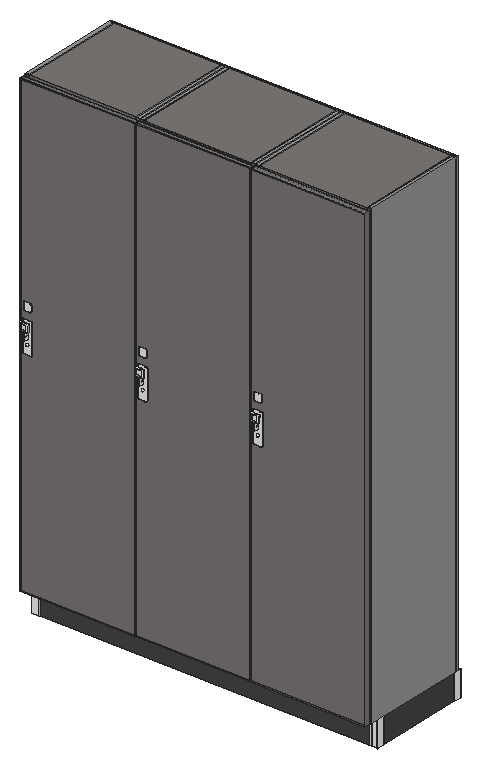
Revit family "Wood_Lockers_Hasps-Salsbury_Industries-18_41000_Series-3_Wide_Units", category Specialty Equipment, Revit 2026 (continued)
Definition of nested family "Wood Locker Flat Corner Fillers"
  Dimensions and locks (in)
    locked: plane 6 "Front Side" to plane 12 at 3
    locked: plane 5 "Left Side" to plane 11 at 3
    plane 12 to plane 7 "Back Side" = 13.875"
    aligned and locked: level to plane 2
  Automatic sketch dimensions
    Extrusion 2 sketch curve to plane 5 "Left Side" = 0.000"
    plane 6 "Front Side" to Extrusion 2 sketch curve = 0.000"
    Extrusion 2 sketch curve to plane 11 = 0.000"
    Extrusion 2 sketch curve to plane 4 "Right Side" = 0.000"
    Extrusion 2 sketch curve to plane 12 = 0.000"
    plane 7 "Back Side" to Extrusion 2 sketch curve = 0.000"
    Extrusion 1 sketch curve to plane 5 "Left Side" = 0.000"
    plane 7 "Back Side" to Extrusion 1 sketch curve = 0.000"
    Extrusion 1 sketch curve to plane 12 = 0.000"
    Extrusion 1 sketch curve to plane 4 "Right Side" = 0.000"
    plane 6 "Front Side" to Extrusion 1 sketch curve = 0.000"
    Extrusion 1 sketch curve to plane 11 = 0.000"
Definition of nested family "Wood Locker Front Fillers"
  Parameters (values of type "33367 - 15" W for 6'H Lockers without Base")
    Width = 15.000"
    Visible Base = no
    Visible = yes
    Version = "1.0 (2/29/16)"
    Type Comments = "Front Vertical Filler for Designer Wood Lockers"
    Model = "33367"
    Manufacturer = "Salsbury Industries"
    Laminate Surface = none
    Height = 72.000"
    Description = "For 6' H Lockers"
    Depth = 0.750"
    Default Elevation = 0.000"
    Base Height = 0.000"
  Types (18): name | Width | Visible Base | Visible | Version | Type Comments | Model | Manufacturer | Height | Description | Base Height
    (no name) | 15.000" | no | yes | "1.0 (2/29/16)" | "Front Vertical Filler for Designer Wood Lockers" | "33367" | "Salsbury Industries" | 72.000" | "For 6' H Lockers" | 0.000"
    33367 - 15"W for 6' H Lockers with Base | 15.000" | yes | yes | "1.0 (2/29/16)" | "Front Vertical Filler for Designer Wood Lockers" | "33367" | "Salsbury Industries" | 72.000" | "For 6' H Lockers" | 4.000"
    None | 15.000" | no | no | "" | "" | "" | "" | 72.000" | "" | 4.000"
    33369 - 9" W for 6' H Lockers with Base | 9.000" | yes | yes | "1.0 (2/29/16)" | "Front Vertical Filler for Designer Wood Lockers" | "33369" | "Salsbury Industries" | 72.000" | "For 6' H Lockers" | 4.000"
    33367 - 15" W for 5' H Lockers with Base | 15.000" | yes | yes | "1.0 (2/29/16)" | "Front Vertical Filler for Designer Wood Lockers" | "33367" | "Salsbury Industries" | 60.000" | "For 5' H Lockers" | 4.000"
    33369 - 9" W for 5' H Lockers with Base | 9.000" | yes | yes | "1.0 (2/29/16)" | "Front Vertical Filler for Designer Wood Lockers" | "33369" | "Salsbury Industries" | 60.000" | "For 5' H Lockers" | 4.000"
    22265 - 15" W for 6' H Lockers with Base | 15.000" | yes | yes | "1.0 (2/29/16)" | "Front Vertical Filler for Extra Wide Designer Wood Lockers" | "22265" | "Salsbury Industries" | 72.000" | "For 6' H Lockers" | 4.000"
    22265 - 15" W for 5' H Lockers with Base | 15.000" | yes | yes | "1.0 (2/29/16)" | "Front Vertical Filler for Extra Wide Designer Wood Lockers" | "22265" | "Salsbury Industries" | 60.000" | "For 5' H Lockers" | 4.000"
    22269 - 9" W for 6' H Lockers with Base | 9.000" | yes | yes | "1.0 (2/29/16)" | "Front Vertical Filler for Extra Wide Designer Wood Lockers" | "22269" | "Salsbury Industries" | 72.000" | "For 6' H Lockers" | 4.000"
    22269 - 9" W for 5' H Lockers with Base | 9.000" | yes | yes | "1.0 (2/29/16)" | "Front Vertical Filler for Extra Wide Designer Wood Lockers" | "22269" | "Salsbury Industries" | 60.000" | "For 5' H Lockers" | 4.000"
    33367 - 15" W for 6'H Lockers without Base | 15.000" | no | yes | "1.0 (2/29/16)" | "Front Vertical Filler for Designer Wood Lockers" | "33367" | "Salsbury Industries" | 72.000" | "For 6' H Lockers" | 0.000"
    33367 - 15" W for 5' H Lockers without Base | 15.000" | no | yes | "1.0 (2/29/16)" | "Front Vertical Filler for Designer Wood Lockers" | "33367" | "Salsbury Industries" | 60.000" | "For 5' H Lockers" | 0.000"
    33369 - 9" W for 5' H Lockers without Base | 9.000" | no | yes | "1.0 (2/29/16)" | "Front Vertical Filler for Designer Wood Lockers" | "33369" | "Salsbury Industries" | 60.000" | "For 5' H Lockers" | 0.000"
    33369 - 9" W for 6' H Lockers without Base | 9.000" | no | yes | "1.0 (2/29/16)" | "Front Vertical Filler for Designer Wood Lockers" | "33369" | "Salsbury Industries" | 72.000" | "For 6' H Lockers" | 0.000"
    22269 - 9" W for 6' H Lockers without Base | 9.000" | no | yes | "1.0 (2/29/16)" | "Front Vertical Filler for Extra Wide Designer Wood Lockers" | "22269" | "Salsbury Industries" | 72.000" | "For 6' H Lockers" | 0.000"
    22269 - 9" W for 5' H Lockers without Base | 9.000" | no | yes | "1.0 (2/29/16)" | "Front Vertical Filler for Extra Wide Designer Wood Lockers" | "22269" | "Salsbury Industries" | 60.000" | "For 5' H Lockers" | 0.000"
    22265 - 15" W for 6' H Lockers without Base | 15.000" | no | yes | "1.0 (2/29/16)" | "Front Vertical Filler for Extra Wide Designer Wood Lockers" | "22265" | "Salsbury Industries" | 72.000" | "For 6' H Lockers" | 0.000"
    22265 - 15" W for 5' H Lockers without Base | 15.000" | no | yes | "1.0 (2/29/16)" | "Front Vertical Filler for Extra Wide Designer Wood Lockers" | "22265" | "Salsbury Industries" | 60.000" | "For 5' H Lockers" | 0.000"
  Reference planes (in)
    plane 1 "Center (Front/Back)": y = 0
    plane 2: z = 0
    plane 3 "Center (Left/Right)": x = 0
    plane 4 "Back": y = 0.375
    plane 5 "Front": y = -0.375
    plane 6 "Left Side": x = -7.5
    plane 7 "Right Side": x = 7.5
    plane 8 "Bottom": z = 0
    plane 9 "Top": z = 72
    plane 10 "Center Elevation": z = 36
    plane 11 "Wood - Laminate Edge": y = -0.344
    plane 12 "Right Side of Wood": x = 7.375
    plane 13 "Left Side of Wood": x = -7.375
    plane 14 "Top of Wood": z = 71.875
    plane 15 "Bottom of Wood": z = 0.125
    plane 16 "Front of Base Filler": y = 1
  Forms (in)
    Extrusion 1, solid, visible <- "Visible"
      sketch origin (0, 0.375, 0) x (1, 0, 0) y (0, 0, 1)
        loop
          line (7.5, 72) -> (-7.5, 72) -> (-7.5, 0) -> (7.5, 0) -> (7.5, 72)
      from 0 to 0.719
    Extrusion 2, solid, material <- "Laminate Surface", visible <- "Visible"
      sketch origin (0, -0.375, 0) x (1, 0, 0) y (0, 0, 1)
        loop
          line (-7.5, 72) -> (-7.5, 0) -> (7.5, 0) -> (7.5, 72) -> (-7.5, 72)
      from -0.031 to 0
    Extrusion 3, solid, visible <- "Visible Base"
      sketch origin (0, 0, 0) x (1, 0, 0) y (0, 1, 0)
        loop
          line (-7.5, 1.75) -> (-7.5, 0.375) -> (7.5, 0.375) -> (7.5, 1.75) -> (-7.5, 1.75)
      from 0 to 0.75
    Extrusion 4, solid, visible <- "Visible Base"
      sketch origin (0, 0, 0) x (1, 0, 0) y (0, 1, 0)
        loop
          line (-7.5, 1.75) -> (-7.5, 1) -> (7.5, 1) -> (7.5, 1.75) -> (-7.5, 1.75)
      from 0 to -4
  Dimensions and locks (in)
    equal spacing: plane 6 "Left Side", plane 3 "Center (Left/Right)", plane 7 "Right Side"
    plane 5 "Front" to plane 1 "Center (Front/Back)" to plane 4 "Back" = 0.375", 0.375"
    "Width": plane 6 "Left Side" to plane 7 "Right Side"
    "Depth": plane 5 "Front" to plane 4 "Back"
    equal spacing: plane 9 "Top", plane 10 "Center Elevation", plane 8 "Bottom"
    locked: plane 5 "Front" to plane 11 "Wood - Laminate Edge" at 0.031
    locked: plane 15 "Bottom of Wood" to plane 8 "Bottom" at 0.125
    locked: plane 12 "Right Side of Wood" to plane 7 "Right Side" at 0.125
    locked: plane 6 "Left Side" to plane 13 "Left Side of Wood" at 0.125
    locked: plane 9 "Top" to plane 14 "Top of Wood" at 0.125
    locked: plane 5 "Front" to plane 16 "Front of Base Filler" at 1.375
    "Base Height": plane 8 "Bottom" to plane 2
    "Height": plane 9 "Top" to plane 8 "Bottom"
    aligned and locked: level to plane 2
    aligned and locked: plane 8 "Bottom" to Extrusion 1
  Automatic sketch dimensions
    plane 6 "Left Side" to Extrusion 1 sketch curve = 0.000"
    plane 7 "Right Side" to Extrusion 1 sketch curve = 0.000"
    level to Extrusion 1 sketch curve = 0.000"
    Extrusion 1 sketch curve to plane 9 "Top" = 0.000"
    plane 6 "Left Side" to Extrusion 2 sketch curve = 0.000"
    plane 7 "Right Side" to Extrusion 2 sketch curve = 0.000"
    plane 15 "Bottom of Wood" to Extrusion 2 sketch curve = 0.125"
    Extrusion 2 sketch curve to plane 9 "Top" = 0.000"
    plane 4 "Back" to Extrusion 3 sketch curve = 0.000"
    Extrusion 3 sketch curve to plane 6 "Left Side" = 0.000"
    Extrusion 3 sketch curve to plane 7 "Right Side" = 0.000"
    Extrusion 3 sketch curve to plane 16 "Front of Base Filler" = 0.750"
    Extrusion 4 sketch curve to plane 6 "Left Side" = 0.000"
    Extrusion 4 sketch curve to plane 7 "Right Side" = 0.000"
    plane 16 "Front of Base Filler" to Extrusion 4 sketch curve = 0.000"
    Extrusion 4 sketch curve to plane 16 "Front of Base Filler" = 0.750"
Definition of nested family "Wood Locker Front Corner Filler"
  Parameters (values of type "44464 - for 6' H Lockers with Base")
    Width = 2.250"
    Visible Base = yes
    Visible = yes
    Version = "1.0 (12/15/23)"
    Type Comments = "Front Vertical Corner Filler for Designer Wood Lockers"
    Primary Structure Materials = none
    Model = "44464"
    Manufacturer = "Salsbury Industries"
    Laminate Surface = none
    Height = 72.000"
    Description = "For 6' H Lockers"
    Depth = 0.750"
    Default Elevation = 0.000"
    Base Primary Materials = none
    Base Height = 4.000"
  Types (3): name | Visible Base | Visible | Version | Type Comments | Model | Manufacturer | Description | Base Height
    None | no | no | "" | "" | "" | "" | "" | 4.000"
    44464 - for 6'H Lockers without Base | no | yes | "1.0 (12/15/23)" | "Front Vertical Corner Filler for Designer Wood Lockers" | "44464" | "Salsbury Industries" | "For 6' H Lockers" | 0.000"
    44464 - for 6' H Lockers with Base | yes | yes | "1.0 (12/15/23)" | "Front Vertical Corner Filler for Designer Wood Lockers" | "44464" | "Salsbury Industries" | "For 6' H Lockers" | 4.000"
  Reference planes (in)
    plane 1 "Center (Front/Back)": y = 0
    plane 2 "Bottom of Base": z = 0
    plane 3 "Center (Left/Right)": x = 0
    plane 4 "Back": y = 0.375
    plane 5 "Front": y = -0.375
    plane 6 "Left Side": x = -1.125
    plane 7 "Right Side": x = 1.125
    plane 8 "Bottom": z = 4
    plane 9 "Top": z = 76
    plane 10 "Center Elevation": z = 40
    plane 11 "Wood - Laminate Edge": y = -0.344
    plane 12 "Right Side of Wood": x = 1
    plane 13 "Left Side of Wood": x = -1
    plane 14 "Top of Wood": z = 75.875
    plane 15 "Bottom of Wood": z = 4.125
    plane 16 "Front of Base Filler": y = 1
  Forms (in)
    Extrusion 1, solid, material <- "Primary Structure Materials", visible <- "Visible"
      sketch origin (0, 0.375, 0) x (1, 0, 0) y (0, 0, 1)
        loop
          line (1.125, 76) -> (-1.156, 76) -> (-1.156, 4) -> (1.125, 4) -> (1.125, 76)
      from 0 to 0.719
    Extrusion 2, solid, material <- "Laminate Surface", visible <- "Visible"
      sketch origin (0, -0.375, 0) x (1, 0, 0) y (0, 0, 1)
        loop
          line (-1.125, 76) -> (-1.125, 4) -> (1.125, 4) -> (1.125, 76) -> (-1.125, 76)
      from -0.031 to 0
    Extrusion 3, solid, material <- "Primary Structure Materials", visible <- "Visible"
      sketch origin (-1.875, -1.5, 0) x (0, 1, 0) y (0, 0, 1)
        loop
          line (1.875, 76) -> (-1.125, 76) -> (-1.125, 4) -> (1.875, 4) -> (1.875, 76)
      from 0 to 0.719
    Extrusion 4, solid, material <- "Laminate Surface", visible <- "Visible"
      sketch origin (-1.125, -1.5, 0) x (0, 1, 0) y (0, 0, 1)
        loop
          line (-1.125, 76) -> (-1.125, 4) -> (1.156, 4) -> (1.156, 76) -> (-1.125, 76)
      from -0.031 to 0
    Extrusion 5, solid, material <- "Base Primary Materials", visible <- "Visible Base"
      sketch origin (0, 0, 0) x (1, 0, 0) y (0, 1, 0)
        loop
          line (-3.25, 1.75) -> (-3.25, -2.625) -> (-1.875, -2.625) -> (-1.875, 1.75) -> (-3.25, 1.75)
      from 4 to 4.75
    Extrusion 6, solid, material <- "Base Primary Materials", visible <- "Visible Base"
      sketch origin (0, 0, 0) x (1, 0, 0) y (0, 1, 0)
        loop
          line (-1.875, 1.75) -> (-1.875, 0.375) -> (1.125, 0.375) -> (1.125, 1.75) -> (-1.875, 1.75)
      from 4 to 4.75
    Extrusion 7, solid, material <- "Base Primary Materials", visible <- "Visible Base"
      sketch origin (0, 0, 0) x (1, 0, 0) y (0, 1, 0)
        loop
          line (1.125, 1.75) -> (-2.43407, 1.75) -> (-2.43407, 1) -> (1.125, 1) -> (1.125, 1.75)
      from 0 to 4
    Extrusion 8, solid, material <- "Base Primary Materials", visible <- "Visible Base"
      sketch origin (0, 0, 0) x (1, 0, 0) y (0, 1, 0)
        loop
          line (-3.25, 1.75) -> (-3.25, -2.625) -> (-2.43407, -2.625) -> (-2.43407, 1.75) -> (-3.25, 1.75)
      from 0 to 4
  Dimensions and locks (in)
    equal spacing: plane 6 "Left Side", plane 3 "Center (Left/Right)", plane 7 "Right Side"
    plane 5 "Front" to plane 1 "Center (Front/Back)" to plane 4 "Back" = 0.375", 0.375"
    "Width": plane 6 "Left Side" to plane 7 "Right Side"
    "Depth": plane 5 "Front" to plane 4 "Back"
    equal spacing: plane 9 "Top", plane 10 "Center Elevation", plane 8 "Bottom"
    "Height": plane 9 "Top" to plane 8 "Bottom"
    locked: plane 5 "Front" to plane 11 "Wood - Laminate Edge" at 0.031
    locked: plane 15 "Bottom of Wood" to plane 8 "Bottom" at 0.125
    locked: plane 12 "Right Side of Wood" to plane 7 "Right Side" at 0.125
    locked: plane 6 "Left Side" to plane 13 "Left Side of Wood" at 0.125
    locked: plane 9 "Top" to plane 14 "Top of Wood" at 0.125
    locked: plane 5 "Front" to plane 16 "Front of Base Filler" at 1.375
    "Base Height": plane 8 "Bottom" to plane 2 "Bottom of Base"
    aligned and locked: level to plane 2 "Bottom of Base"
    aligned and locked: plane 8 "Bottom" to Extrusion 1
    aligned and locked: Extrusion 7 to Extrusion 5
    aligned and locked: Extrusion 8 to Extrusion 5
    aligned and locked: Extrusion 7 to Extrusion 8
  Automatic sketch dimensions
    Extrusion 1 sketch curve to plane 9 "Top" = 0.000"
    Extrusion 1 sketch curve to plane 8 "Bottom" = 0.000"
    plane 7 "Right Side" to Extrusion 1 sketch curve = 0.000"
    plane 6 "Left Side" to Extrusion 1 sketch curve = 0.031"
    plane 6 "Left Side" to Extrusion 2 sketch curve = 0.000"
    plane 7 "Right Side" to Extrusion 2 sketch curve = 0.000"
    Extrusion 2 sketch curve to plane 8 "Bottom" = 0.000"
    Extrusion 2 sketch curve to plane 9 "Top" = 0.000"
    plane 9 "Top" to Extrusion 3 sketch curve = 0.000"
    plane 8 "Bottom" to Extrusion 3 sketch curve = 0.000"
    Extrusion 3 sketch curve to plane 4 "Back" = 0.000"
    plane 5 "Front" to Extrusion 3 sketch curve = 2.250"
    plane 8 "Bottom" to Extrusion 4 sketch curve = 0.000"
    plane 9 "Top" to Extrusion 4 sketch curve = 0.000"
    Extrusion 4 sketch curve to plane 11 "Wood - Laminate Edge" = 0.000"
    plane 5 "Front" to Extrusion 4 sketch curve = 2.250"
    plane 6 "Left Side" to Extrusion 5 sketch curve = 2.125"
    plane 6 "Left Side" to Extrusion 5 sketch curve = 0.750"
    plane 5 "Front" to Extrusion 5 sketch curve = 2.250"
    Extrusion 5 sketch curve to plane 16 "Front of Base Filler" = 0.750"
    plane 16 "Front of Base Filler" to Extrusion 7 sketch curve = 0.000"
    Extrusion 7 sketch curve to plane 7 "Right Side" = 0.000"
    plane 6 "Left Side" to Extrusion 7 sketch curve = 1.30907"
    Extrusion 7 sketch curve to plane 16 "Front of Base Filler" = 0.750"
    plane 6 "Left Side" to Extrusion 8 sketch curve = 2.125"
    Extrusion 8 sketch curve to Extrusion 8 sketch curve = 0.81593"
    plane 5 "Front" to Extrusion 8 sketch curve = 2.250"
    Extrusion 8 sketch curve to plane 16 "Front of Base Filler" = 0.750"
    plane 4 "Back" to Extrusion 6 sketch curve = 0.000"
    Extrusion 6 sketch curve to plane 7 "Right Side" = 0.000"
    plane 6 "Left Side" to Extrusion 6 sketch curve = 0.750"
    Extrusion 6 sketch curve to plane 16 "Front of Base Filler" = 0.750"
Definition of nested family "Wood Locker Flat In-Line Fillers"
  Parameters (values of type "44448 - 15" W for 18" D Lockers")
    Width = 15.000"
    Visible = yes
    Version = "1.0 (12/15/23)"
    Type Comments = "Flat Top In-Line Filler for Premier Wood Lockers"
    Model = "44448"
    Manufacturer = "Salsbury Industries"
    Laminate Surface = none
    Height = 0.750"
    Description = "For 18\" D Lockers"
    Depth = 16.875"
    Default Elevation = 0.000"
  Types (10): name | Width | Visible | Version | Type Comments | Model | Manufacturer | Description | Depth
    (no name) | 15.000" | yes | "1.0 (12/15/23)" | "Flat Top In-Line Filler for Premier Wood Lockers" | "44448" | "Salsbury Industries" | "For 18\" D Lockers" | 16.875"
    44447 - 15" W for 15" D Lockers | 15.000" | yes | "1.0 (12/15/23)" | "Flat Top In-Line Filler for Premier Wood Lockers" | "44447" | "Salsbury Industries" | "For 15\" D Lockers" | 13.875"
    44448 - 15" W for 18" D Lockers | 15.000" | yes | "1.0 (12/15/23)" | "Flat Top In-Line Filler for Premier Wood Lockers" | "44448" | "Salsbury Industries" | "For 18\" D Lockers" | 16.875"
    44441 - 15" W for 21" D Lockers | 15.000" | yes | "1.0 (12/15/23)" | "Flat Top In-Line Filler for Premier Wood Lockers" | "44441" | "Salsbury Industries" | "For 21\" D Lockers" | 19.875"
    None | 15.000" | no | "" | "" | "" | "" | "" | 13.250"
    44448 - 9" W for 18" D Lockers | 9.000" | yes | "1.0 (12/15/23)" | "Flat Top In-Line Filler for Premier Wood Lockers" | "44448" | "Salsbury Industries" | "For 18\" D Lockers" | 16.875"
    44447 - 9" W for 15" D Lockers | 9.000" | yes | "1.0 (12/15/23)" | "Flat Top In-Line Filler for Premier Wood Lockers" | "44447" | "Salsbury Industries" | "For 15\" D Lockers" | 13.875"
    44441 - 9" W for 21" D Lockers | 9.000" | yes | "1.0 (12/15/23)" | "Flat Top In-Line Filler for Premier Wood Lockers" | "44441" | "Salsbury Industries" | "For 21\" D Lockers" | 19.875"
    44449 - 15" W for 24" D Lockers | 15.000" | yes | "1.0 (12/15/23)" | "Flat Top In-Line Filler for Premier Wood Lockers" | "44449" | "Salsbury Industries" | "For 24\" D Lockers" | 22.875"
    44449 - 9" W for 24" D Lockers | 9.000" | yes | "1.0 (12/15/23)" | "Flat Top In-Line Filler for Premier Wood Lockers" | "44449" | "Salsbury Industries" | "For 24\" D Lockers" | 22.875"
  Reference planes (in)
    plane 1 "Center (Front/Back)": y = 0
    plane 2: z = 0
    plane 3 "Center (Left/Right)": x = 0
    plane 4 "Right Side": x = 7.5
    plane 5 "Left Side": x = -7.5
    plane 6 "Front Side": y = -8.4375
    plane 7 "Back Side": y = 8.4375
    plane 8 "Bottom": z = 0
    plane 9 "Top Side": z = 0.75
    plane 10 "Wood - Laminate Line": z = 0.719
  Forms (in)
    Extrusion 1, solid, visible <- "Visible"
      sketch origin (0, 0, 0) x (0, -1, 0) y (1, 0, 0)
        loop
          line (-8.4375, -7.5) -> (8.4375, -7.5) -> (8.4375, 7.5) -> (-8.4375, 7.5) -> (-8.4375, -7.5)
      from 0 to 0.719
    Extrusion 2, solid, material <- "Laminate Surface", visible <- "Visible"
      sketch origin (0, 0, 0.75) x (1, 0, 0) y (0, 1, 0)
        loop
          line (-7.5, -8.4375) -> (7.5, -8.4375) -> (7.5, 8.4375) -> (-7.5, 8.4375) -> (-7.5, -8.4375)
      from -0.031 to 0
  Dimensions and locks (in)
    equal spacing: plane 6 "Front Side", plane 1 "Center (Front/Back)", plane 7 "Back Side"
    equal spacing: plane 5 "Left Side", plane 3 "Center (Left/Right)", plane 4 "Right Side"
    "Width": plane 5 "Left Side" to plane 4 "Right Side"
    "Depth": plane 6 "Front Side" to plane 7 "Back Side"
    "Height": plane 9 "Top Side" to plane 8 "Bottom"
    locked: plane 9 "Top Side" to plane 10 "Wood - Laminate Line" at 0.031
    aligned and locked: level to plane 2
  Automatic sketch dimensions
    Extrusion 1 sketch curve to plane 4 "Right Side" = 0.000"
    plane 7 "Back Side" to Extrusion 1 sketch curve = 0.000"
    Extrusion 1 sketch curve to plane 5 "Left Side" = 0.000"
    plane 6 "Front Side" to Extrusion 1 sketch curve = 0.000"
    Extrusion 2 sketch curve to plane 5 "Left Side" = 0.000"
    plane 4 "Right Side" to Extrusion 2 sketch curve = 0.000"
    plane 6 "Front Side" to Extrusion 2 sketch curve = 0.000"
    Extrusion 2 sketch curve to plane 7 "Back Side" = 0.000"
Definition of nested family "Wood Locker Fascia Fillers"
  Parameters (values of type "44462 - for 3-Wide Units")
    Width = 36.000"
    Visible = yes
    Type Comments = "Front Fascia Filler for Premier Wood Lockers"
    Model = "44462"
    Manufacturer = "Salsbury Industries"
    Laminate Surface = none
    Height = 4.000"
    Description = "4' W for Standard Designer Lockers"
    Depth = 0.750"
    Default Elevation = 0.000"
  Types (4): name | Width | Visible | Type Comments | Model | Manufacturer | Description
    (no name) | 36.000" | yes | "Front Fascia Filler for Premier Wood Lockers" | "44462" | "Salsbury Industries" | "4' W for Standard Designer Lockers"
    44462 - for 1-Wide Units | 12.000" | yes | "Front Fascia Filler for Premier Wood Lockers" | "44462" | "Salsbury Industries" | "4' W for Standard Designer Lockers"
    None | 12.000" | no | "" | "" | "" | ""
    44462 - for 3-Wide Units | 36.000" | yes | "Front Fascia Filler for Premier Wood Lockers" | "44462" | "Salsbury Industries" | "4' W for Standard Designer Lockers"
  Reference planes (in)
    plane 1 "Center (Front/Back)": y = 0
    plane 2: z = 0
    plane 3 "Center (Left/Right)": x = 0
    plane 4 "Back": y = 0.375
    plane 5 "Front": y = -0.375
    plane 6 "Left Side": x = -18
    plane 7 "Right Side": x = 18
    plane 8 "Bottom": z = 0
    plane 9 "Top": z = 4
    plane 10 "Center Elevation": z = 2
    plane 11 "Wood - Laminate Edge": y = -0.344
    plane 12 "Right Side of Wood": x = 17.875
    plane 13 "Left Side of Wood": x = -17.875
    plane 14 "Top of Wood": z = 3.875
    plane 15 "Bottom of Wood": z = 0.125
    plane 16 "Base Bottom": z = 0
    plane 17 "Front of Base Filler": y = 1
  Forms (in)
    Extrusion 1, solid, visible <- "Visible"
      sketch origin (0, 0.375, 0) x (1, 0, 0) y (0, 0, 1)
        loop
          line (18, 4) -> (-18, 4) -> (-18, 0) -> (18, 0) -> (18, 4)
      from 0 to 0.719
    Extrusion 2, solid, material <- "Laminate Surface", visible <- "Visible"
      sketch origin (0, -0.375, 0) x (1, 0, 0) y (0, 0, 1)
        loop
          line (-18, 4) -> (-18, 0) -> (18, 0) -> (18, 4) -> (-18, 4)
      from -0.031 to 0
  Dimensions and locks (in)
    equal spacing: plane 6 "Left Side", plane 3 "Center (Left/Right)", plane 7 "Right Side"
    plane 5 "Front" to plane 1 "Center (Front/Back)" to plane 4 "Back" = 0.375", 0.375"
    "Width": plane 6 "Left Side" to plane 7 "Right Side"
    "Depth": plane 5 "Front" to plane 4 "Back"
    equal spacing: plane 9 "Top", plane 10 "Center Elevation", plane 8 "Bottom"
    "Height": plane 9 "Top" to plane 8 "Bottom"
    locked: plane 5 "Front" to plane 11 "Wood - Laminate Edge" at 0.031
    locked: plane 15 "Bottom of Wood" to plane 8 "Bottom" at 0.125
    locked: plane 12 "Right Side of Wood" to plane 7 "Right Side" at 0.125
    locked: plane 6 "Left Side" to plane 13 "Left Side of Wood" at 0.125
    locked: plane 9 "Top" to plane 14 "Top of Wood" at 0.125
    locked: plane 5 "Front" to plane 17 "Front of Base Filler" at 1.375
    aligned and locked: level to plane 2
    aligned and locked: Extrusion 1 to plane 8 "Bottom"
  Automatic sketch dimensions
    plane 6 "Left Side" to Extrusion 1 sketch curve = 0.000"
    plane 7 "Right Side" to Extrusion 1 sketch curve = 0.000"
    level to Extrusion 1 sketch curve = 0.000"
    Extrusion 1 sketch curve to plane 9 "Top" = 0.000"
    plane 6 "Left Side" to Extrusion 2 sketch curve = 0.000"
    plane 7 "Right Side" to Extrusion 2 sketch curve = 0.000"
    plane 15 "Bottom of Wood" to Extrusion 2 sketch curve = 0.125"
    Extrusion 2 sketch curve to plane 9 "Top" = 0.000"
Definition of nested family "Wood Locker Sloping Hoods"
  Parameters (values of type "44811 - for 21" Deep Lockers (1 Wide)")
    Width = 18.000"
    Visible = yes
    Version = "1.0 (12/15/23)"
    Type Comments = "Sloping Hood for Premier Wood Lockers"
    Model = "44811"
    Manufacturer = "Salsbury Industries"
    Laminate Surface = none
    Height = 7.993"
    Description = "For 21\" D - 1 Wide Lockers"
    Depth = 20.625"
    Default Elevation = 0.000"
  Types (20): name | Width | Visible | Version | Type Comments | Model | Manufacturer | Height | Description | Depth
    (no name) | 18.000" | yes | "1.0 (12/15/23)" | "Sloping Hood for Premier Wood Lockers" | "44811" | "Salsbury Industries" | 7.993" | "For 21\" D - 1 Wide Lockers" | 20.625"
    44357 - for 15" Deep Lockers (1 Wide) | 12.000" | yes | "1.0 (12/15/23)" | "Sloping Hood for Premier Wood Lockers" | "44357" | "Salsbury Industries" | 5.743" | "For 15\" D - 1 Wide Lockers" | 14.625"
    44353 - for 18" Deep Lockers (1 Wide) | 12.000" | yes | "1.0 (12/15/23)" | "Sloping Hood for Premier Wood Lockers" | "44353" | "Salsbury Industries" | 6.868" | "For 18\" D - 1 Wide Lockers" | 17.625"
    44352 - for 21" Deep Lockers (1 Wide) | 12.000" | yes | "1.0 (12/15/23)" | "Sloping Hood for Premier Wood Lockers" | "44352" | "Salsbury Industries" | 7.993" | "For 21\" D - 1 Wide Lockers" | 20.625"
    44359 - for 15" Deep Lockers (3 Wide) | 36.000" | yes | "1.0 (12/15/23)" | "Sloping Hood for Premier Wood Lockers" | "44359" | "Salsbury Industries" | 5.743" | "For 15\" D - 3 Wide Lockers" | 14.625"
    44356 - for 18" Deep Lockers (3 Wide) | 36.000" | yes | "1.0 (12/15/23)" | "Sloping Hood for Premier Wood Lockers" | "44356" | "Salsbury Industries" | 6.868" | "For 18\" D - 3 Wide Lockers" | 17.625"
    44354 - for 21" Deep Lockers (3 Wide) | 36.000" | yes | "1.0 (12/15/23)" | "Sloping Hood for Premier Wood Lockers" | "44354" | "Salsbury Industries" | 7.993" | "For 21\" D - 3 Wide Lockers" | 20.625"
    44255 - for 24" Deep Lockers (1 Wide) | 15.000" | yes | "1.0 (12/15/23)" | "Sloping Hood for Premier Wood Lockers" | "44255" | "Salsbury Industries" | 9.118" | "For 24\" D - 1 Wood Lockers" | 23.625"
    44257 - for 24" Deep Lockers (3 Wide) | 45.000" | yes | "1.0 (12/15/23)" | "Sloping Hood for Premier Wod Lockers" | "44257" | "Salsbury Industries" | 9.118" | "For 24\" D - 3 Wide Lockers" | 23.625"
    44252 - for 21" Deep Lockers (1 Wide) | 15.000" | yes | "1.0 (12/15/23)" | "Sloping Hood for 15\" Wide Premier Wood Lockers" | "44252" | "Salsbury Industries" | 7.993" | "For 21\" D - 1 Wide Lockers" | 20.625"
    44254 - for 21" Deep Lockers (3 Wide) | 45.000" | yes | "1.0 (12/15/23)" | "Sloping Hood for 15\" Wide Premier Wood Lockers" | "44254" | "Salsbury Industries" | 7.993" | "For 21\" D - 3 Wide Lockers" | 20.625"
    44251 - for 18" Deep Lockers (1 Wide) | 15.000" | yes | "1.0 (12/15/23)" | "Sloping Hood for 15\"Wide Premier Wood Lockers" | "44251" | "Salsbury Industries" | 6.868" | "For 18\" D - 1 Wide Lockers" | 17.625"
    44253 - for 18" Deep Lockers (3 Wide) | 45.000" | yes | "1.0 (12/15/23)" | "Sloping Hood for 15\" Wide Premier Wood Lockers" | "44253" | "Salsbury Industries" | 6.868" | "For 18\" D - 3 Wide Lockers" | 17.625"
    None | 12.000" | no | "" | "" | "" | "" | 5.743" | "" | 14.625"
    44818 - for 18" Deep Lockers (1 Wide) | 18.000" | yes | "1.0 (12/15/23)" | "Sloping Hood for Premier Wood Lockers" | "44818" | "Salsbury Industries" | 6.868" | "For 18\" D - 1 Wide Lockers" | 17.625"
    44811 - for 21" Deep Lockers (1 Wide) | 18.000" | yes | "1.0 (12/15/23)" | "Sloping Hood for Premier Wood Lockers" | "44811" | "Salsbury Industries" | 7.993" | "For 21\" D - 1 Wide Lockers" | 20.625"
    44814 - for 24" Deep Lockers (1 Wide) | 18.000" | yes | "1.0 (12/15/23)" | "Sloping Hood for Premier Wood Lockers" | "44814" | "Salsbury Industries" | 9.118" | "For 24\" D - 1 Wide Lockers" | 23.625"
    44838 - for 18" Deep Lockers (3 Wide) | 54.000" | yes | "1.0 (12/15/23)" | "Sloping Hood for Premier Wood Lockers" | "44838" | "Salsbury Industries" | 6.868" | "For 18\" D - 3 Wide Lockers" | 17.625"
    44831 - for 21" Deep Lockers (3 Wide) | 54.000" | yes | "1.0 (12/15/23)" | "Sloping Hood for Premier Wood Lockers" | "44831" | "Salsbury Industries" | 7.993" | "For 21\" D - 3 Wide Lockers" | 20.625"
    44834 - for 24" Deep Lockers (3 Wide) | 54.000" | yes | "1.0 (12/15/23)" | "Sloping Hood for Premier Wood Lockers" | "834" | "Salsbury Industries" | 9.118" | "For 24\" D - 3 Wide Lockers" | 23.625"
  Reference planes (in)
    plane 1 "Center (Front/Back)": y = 0
    plane 2: z = 0
    plane 3 "Center (Left/Right)": x = 0
    plane 4 "Front of Hood": y = -10.3125
    plane 5 "Back of Hood": y = 10.3125
    plane 6 "Right Side of Hood": x = 9
    plane 7 "Left Side of Hood": x = -9
    plane 8 "Bottom of Hood": z = 0
    plane 9 "Top of Hood": z = 7.993
    plane 10: x = 8.25
    plane 11: x = -8.25
    plane 12: y = -10.2815
    plane 13: y = -9.5625
    plane 14: z = 7.962
    plane 15: z = 7.243
    plane 16: z = 0.062
    plane 17: z = 0.75
  Forms (in)
    Extrusion 1, solid, visible <- "Visible"
      sketch origin (9, 0.37227, 0) x (0, -1, 0) y (0, 0, 1)
        loop
          line (-0.258, 3.50984) -> (-0.258, 0) -> (0.37227, 0) -> (0.37227, 3.26682) -> (-0.258, 3.50984)
      from 0 to 18
    Extrusion 2, solid, visible <- "Visible"
      sketch origin (0, 0, 0) x (0, 1, 0) y (0, 0, 1)
        loop
          line (-8.47273, 0) -> (10.3125, 7.243) -> (10.3125, 7.962) -> (-10.23269, 0.062) -> (-10.2815, 0.062) -> (-10.2815, 0) -> (-8.47273, 0)
      from -9 to 9
    Extrusion 3, solid, material <- "Laminate Surface", visible <- "Visible"
      sketch origin (0, 0, 0) x (0, 1, 0) y (0, 0, 1)
        loop
          line (-10.3125, 0.062) -> (-10.3125, 0) -> (-10.2815, 0) -> (-10.2815, 0.062) -> (-10.3125, 0.062)
      from -9 to 9
    Extrusion 4, solid, material <- "Laminate Surface", visible <- "Visible"
      sketch origin (0, 0, 0) x (0, 1, 0) y (0, 0, 1)
        loop
          line (10.3125, 7.993) -> (-10.3125, 0.062) -> (-10.23269, 0.062) -> (10.3125, 7.962) -> (10.3125, 7.993)
      from -9 to 9
  Dimensions and locks (in)
    equal spacing: plane 7 "Left Side of Hood", plane 3 "Center (Left/Right)", plane 6 "Right Side of Hood"
    "Width": plane 7 "Left Side of Hood" to plane 6 "Right Side of Hood"
    equal spacing: plane 4 "Front of Hood", plane 1 "Center (Front/Back)", plane 5 "Back of Hood"
    "Depth": plane 4 "Front of Hood" to plane 5 "Back of Hood"
    "Height": plane 9 "Top of Hood" to plane 8 "Bottom of Hood"
    plane 7 "Left Side of Hood" to plane 11 = 0.750"
    plane 10 to plane 6 "Right Side of Hood" = 0.750"
    plane 4 "Front of Hood" to plane 12 to plane 13 = 0.031" locked, 0.719" locked
    plane 15 to plane 14 to plane 9 "Top of Hood" = 0.719" locked, 0.031" locked
    locked: plane 16 to plane 8 "Bottom of Hood" at 0.062
    locked: plane 17 to plane 8 "Bottom of Hood" at 0.75
    aligned and locked: level to plane 2
    aligned and locked: Extrusion 2 to plane 6 "Right Side of Hood"
    aligned and locked: plane 7 "Left Side of Hood" to Extrusion 2
    aligned and locked: plane 7 "Left Side of Hood" to Extrusion 4
    aligned and locked: Extrusion 4 to plane 6 "Right Side of Hood"
    aligned and locked: Extrusion 3 to plane 6 "Right Side of Hood"
    aligned and locked: plane 7 "Left Side of Hood" to Extrusion 3
    aligned and locked: Extrusion 2 to Extrusion 1 sketch curve
    aligned and locked: plane 7 "Left Side of Hood" to Extrusion 1
    aligned and locked: Extrusion 1 to plane 6 "Right Side of Hood"
  Automatic sketch dimensions
    Extrusion 3 sketch curve to level = 0.000"
    Extrusion 3 sketch curve to plane 4 "Front of Hood" = 0.000"
    Extrusion 3 sketch curve to plane 12 = 0.000"
    plane 16 to Extrusion 3 sketch curve = 0.000"
    Extrusion 4 sketch curve to plane 4 "Front of Hood" = 0.000"
    plane 16 to Extrusion 4 sketch curve = 0.000"
    Extrusion 4 sketch curve to plane 5 "Back of Hood" = 0.000"
    plane 14 to Extrusion 4 sketch curve = 0.000"
    plane 9 "Top of Hood" to Extrusion 4 sketch curve = 0.000"
    Extrusion 4 sketch curve to plane 12 = 0.04881"
    Extrusion 2 sketch curve to level = 0.000"
    Extrusion 2 sketch curve to plane 12 = 0.000"
    plane 16 to Extrusion 2 sketch curve = 0.000"
    Extrusion 2 sketch curve to plane 5 "Back of Hood" = 0.000"
    plane 15 to Extrusion 2 sketch curve = 0.000"
    plane 14 to Extrusion 2 sketch curve = 0.000"
    Extrusion 2 sketch curve to plane 13 = 1.08977"
    Extrusion 2 sketch curve to plane 12 = 0.04881"
    Extrusion 1 sketch curve to level = 0.000"
    Extrusion 1 sketch curve to plane 1 "Center (Front/Back)" = 0.000"
    Extrusion 1 sketch curve to Extrusion 1 sketch curve = 0.24302"
Definition of nested family "Wood Locker Side Panels-With Slope"
  Parameters (values of type "44238 - 6' H for 24" D Lockers")
    Width = 23.625"
    Visible = yes
    Version = "1.0 (12/15/23)"
    Type Comments = "Side Panel for Premier Wood Lockers with Sloping Hood"
    Slope Height = 8.608"
    Model = "44238"
    Manufacturer = "Salsbury Industries"
    Laminate Surface = none
    Height = 72.153"
    Door Trim = none
    Description = "6' H for 24\" D Lockers"
    Depth = 0.750"
    Default Elevation = 0.000"
  Types (6): name | Width | Visible | Version | Type Comments | Slope Height | Model | Manufacturer | Height | Description
    (no name) | 23.625" | yes | "1.0 (12/15/23)" | "Side Panel for Premier Wood Lockers with Sloping Hood" | 8.608" | "44238" | "Salsbury Industries" | 72.153" | "6' H for 24\" D Lockers"
    44334 - 6' H  for 18" D Lockers | 17.625" | yes | "1.0 (12/15/23)" | "Side Panel for Premier Wood Lockers with Sloping Hood" | 6.806" | "44334" | "Salsbury Industries" | 72.062" | "6' H for 18\" D Lockers"
    44336 - 6' H for 21" D Lockers | 20.625" | yes | "1.0 (12/15/23)" | "Side Panel for Premier Wood Lockers with Sloping Hood" | 7.931" | "44336" | "Salsbury Industries" | 72.062" | "6' H for 21\" D Lockers"
    None | 14.625" | no | "" | "" | 5.681" | "" | "" | 72.062" | ""
    44339 - 6' H for 15" D Lockers | 14.625" | yes | "1.0 (12/15/23)" | "Side Panel for Premier Wood Lockers with Sloping Hood" | 5.681" | "44339" | "Salsbury Industries" | 72.062" | "6' H for 15\" D Lockers"
    44238 - 6' H for 24" D Lockers | 23.625" | yes | "1.0 (12/15/23)" | "Side Panel for Premier Wood Lockers with Sloping Hood" | 8.608" | "44238" | "Salsbury Industries" | 72.153" | "6' H for 24\" D Lockers"
  Reference planes (in)
    plane 1 "Center (Front/Back)": y = 0
    plane 2: z = 0
    plane 3 "Center (Left/Right)": x = 0
    plane 4 "Back": y = 0.375
    plane 5 "Front": y = -0.375
    plane 6 "Left Side": x = -11.8125
    plane 7 "Right Side": x = 11.8125
    plane 8 "Bottom": z = 0
    plane 9 "Top": z = 72.153
    plane 10 "Center Elevation": z = 36.0765
    plane 11 "Wood - Laminate Edge": y = -0.344
    plane 12 "Right Side of Wood": x = 11.7815
    plane 13 "Left Side of Wood": x = -11.7815
    plane 14 "Top of Wood": z = 72.028
    plane 15 "Bottom of Wood": z = 0.031
    plane 16: z = 80.761
    plane 17: z = 80.636
  Forms (in)
    Extrusion 1, solid, visible <- "Visible"
      sketch origin (0, 0.375, 0) x (1, 0, 0) y (0, 0, 1)
        loop
          line (-11.8125, 80.73) -> (-11.8125, 0) -> (11.7815, 0) -> (11.7815, 72.13387) -> (-11.8125, 80.73)
      from 0 to 0.719
    Extrusion 2, solid, material <- "Laminate Surface", visible <- "Visible"
      sketch origin (0, -0.375, 0) x (1, 0, 0) y (0, 0, 1)
        loop
          line (-11.8125, 0) -> (11.8125, 0) -> (11.8125, 72.153) -> (-11.8125, 80.761) -> (-11.8125, 0)
      from -0.031 to 0
    Extrusion 3, solid, material <- "Laminate Surface", visible <- "Visible"
      sketch origin (0, -0.375, 0) x (1, 0, 0) y (0, 0, 1)
        loop
          line (11.8125, 0) -> (11.8125, 72.153) -> (-11.8125, 80.761) -> (-11.8125, 80.73) -> (11.7815, 72.13387) -> (11.7815, 0) -> (11.8125, 0)
      from -0.031 to -0.75
  Dimensions and locks (in)
    equal spacing: plane 6 "Left Side", plane 3 "Center (Left/Right)", plane 7 "Right Side"
    plane 5 "Front" to plane 1 "Center (Front/Back)" to plane 4 "Back" = 0.375", 0.375"
    "Width": plane 6 "Left Side" to plane 7 "Right Side"
    "Depth": plane 5 "Front" to plane 4 "Back"
    equal spacing: plane 9 "Top", plane 10 "Center Elevation", plane 8 "Bottom"
    "Height": plane 9 "Top" to plane 8 "Bottom"
    locked: plane 5 "Front" to plane 11 "Wood - Laminate Edge" at 0.031
    locked: plane 15 "Bottom of Wood" to plane 8 "Bottom" at 0.031
    locked: plane 12 "Right Side of Wood" to plane 7 "Right Side" at 0.031
    locked: plane 6 "Left Side" to plane 13 "Left Side of Wood" at 0.031
    locked: plane 9 "Top" to plane 14 "Top of Wood" at 0.125
    "Slope Height": plane 16 to plane 9 "Top"
    locked: plane 16 to plane 17 at 0.125
    aligned and locked: level to plane 2
    aligned and locked: Extrusion 3 to plane 4 "Back"
    aligned and locked: plane 11 "Wood - Laminate Edge" to Extrusion 3
  Automatic sketch dimensions
    plane 6 "Left Side" to Extrusion 2 sketch curve = 0.000"
    plane 7 "Right Side" to Extrusion 2 sketch curve = 0.000"
    Extrusion 2 sketch curve to level = 0.000"
    Extrusion 2 sketch curve to plane 9 "Top" = 0.000"
    Extrusion 2 sketch curve to plane 16 = 0.000"
    Extrusion 1 sketch curve to level = 0.000"
    plane 6 "Left Side" to Extrusion 1 sketch curve = 0.000"
    plane 12 "Right Side of Wood" to Extrusion 1 sketch curve = 0.000"
    plane 9 "Top" to Extrusion 1 sketch curve = 0.01913"
    plane 6 "Left Side" to Extrusion 3 sketch curve = 0.000"
    plane 12 "Right Side of Wood" to Extrusion 3 sketch curve = 0.000"
    plane 7 "Right Side" to Extrusion 3 sketch curve = 0.000"
    Extrusion 3 sketch curve to level = 0.000"
    Extrusion 3 sketch curve to plane 9 "Top" = 0.000"
    Extrusion 3 sketch curve to plane 16 = 0.000"
    plane 9 "Top" to Extrusion 3 sketch curve = 0.01913"
    plane 16 to Extrusion 3 sketch curve = 0.031"
    plane 16 to Extrusion 1 sketch curve = 0.031"
Definition of nested family "Wood Locker Side Panels-No Slope"
  Parameters (values of type "44237 - 6' H for 24"D Lockers")
    Width = 23.625"
    Visible = yes
    Version = "1.0 (12/15/23)"
    Type Comments = "Side Panel for Premier Wood Lockers without Sloping Hood"
    Model = "44237"
    Manufacturer = "Salsbury Industries"
    Laminate Surface = none
    Height = 72.000"
    Door Trim = none
    Description = "6' H for 21\" D Lockers"
    Depth = 0.750"
    Default Elevation = 0.000"
  Types (6): name | Width | Visible | Version | Type Comments | Model | Manufacturer | Description
    (no name) | 23.625" | yes | "1.0 (12/15/23)" | "Side Panel for Premier Wood Lockers without Sloping Hood" | "44237" | "Salsbury Industries" | "6' H for 21\" D Lockers"
    44330 - 6' H for 15"D Lockers | 14.625" | yes | "1.0 (12/15/23)" | "Side Panel for Premier Wood Lockers without Sloping Hood" | "44330" | "Salsbury Industries" | "6' H for 15\" D Lockers"
    44333 - 6' H for 18" D Lockers | 17.625" | yes | "1.0 (12/15/23)" | "Side Panel for Premier Wood Lockers withouth Sloping Hood" | "44333" | "Salsbury Industries" | "6' H for 18\" D Lockers"
    44335 - 6' H for 21" D Lockers | 20.625" | yes | "1.0 (12/15/23)" | "Side Panel for Premier Wood Lockers without Sloping Hood" | "44335" | "Salsbury Industries" | "6' H for 21\" D Lockers"
    None | 14.000" | no | "" | "" | "" | "" | ""
    44237 - 6' H for 24"D Lockers | 23.625" | yes | "1.0 (12/15/23)" | "Side Panel for Premier Wood Lockers without Sloping Hood" | "44237" | "Salsbury Industries" | "6' H for 21\" D Lockers"
  Reference planes (in)
    plane 1 "Center (Front/Back)": y = 0
    plane 2: z = 0
    plane 3 "Center (Left/Right)": x = 0
    plane 4 "Back": y = 0.375
    plane 5 "Front": y = -0.375
    plane 6 "Left Side": x = -11.8125
    plane 7 "Right Side": x = 11.8125
    plane 8 "Bottom": z = 0
    plane 9 "Top": z = 72
    plane 10 "Center Elevation": z = 36
    plane 11 "Wood - Laminate Edge": y = -0.344
    plane 12 "Right Side of Wood": x = 11.7815
    plane 13 "Left Side of Wood": x = -11.7815
    plane 14 "Top of Wood": z = 71.969
    plane 15 "Bottom of Wood": z = 0.031
  Forms (in)
    Extrusion 1, solid, visible <- "Visible"
      sketch origin (0, 0.375, 0) x (1, 0, 0) y (0, 0, 1)
        loop
          line (11.7815, 71.969) -> (-11.7815, 71.969) -> (-11.7815, 0.031) -> (11.7815, 0.031) -> (11.7815, 71.969)
      from 0 to 0.719
    Extrusion 2, solid, material <- "Laminate Surface", visible <- "Visible"
      sketch origin (0, -0.375, 0) x (1, 0, 0) y (0, 0, 1)
        loop
          line (-11.8125, 72) -> (-11.8125, 0) -> (11.8125, 0) -> (11.8125, 72) -> (-11.8125, 72)
      from -0.031 to 0
    Extrusion 3, solid, material <- "Laminate Surface", visible <- "Visible"
      sketch origin (0, 0, 0) x (1, 0, 0) y (0, 0, 1)
        loop
          line (-11.8125, 0) -> (11.8125, 0) -> (11.8125, 72) -> (-11.8125, 72) -> (-11.8125, 0)
        loop
          line (-11.7815, 0.031) -> (11.7815, 0.031) -> (11.7815, 71.969) -> (-11.7815, 71.969) -> (-11.7815, 0.031)
      from -0.375 to 0.344
  Dimensions and locks (in)
    equal spacing: plane 6 "Left Side", plane 3 "Center (Left/Right)", plane 7 "Right Side"
    plane 5 "Front" to plane 1 "Center (Front/Back)" to plane 4 "Back" = 0.375", 0.375"
    "Width": plane 6 "Left Side" to plane 7 "Right Side"
    "Depth": plane 5 "Front" to plane 4 "Back"
    equal spacing: plane 9 "Top", plane 10 "Center Elevation", plane 8 "Bottom"
    "Height": plane 9 "Top" to plane 8 "Bottom"
    locked: plane 5 "Front" to plane 11 "Wood - Laminate Edge" at 0.031
    locked: plane 15 "Bottom of Wood" to plane 8 "Bottom" at 0.031
    locked: plane 12 "Right Side of Wood" to plane 7 "Right Side" at 0.031
    locked: plane 6 "Left Side" to plane 13 "Left Side of Wood" at 0.031
    locked: plane 9 "Top" to plane 14 "Top of Wood" at 0.031
    aligned and locked: level to plane 2
    aligned and locked: Extrusion 2 sketch curve to plane 7 "Right Side"
    aligned and locked: plane 8 "Bottom" to Extrusion 2 sketch curve
    aligned and locked: plane 6 "Left Side" to Extrusion 2 sketch curve
    aligned and locked: plane 9 "Top" to Extrusion 2 sketch curve
    aligned and locked: Extrusion 3 to plane 4 "Back"
    aligned and locked: plane 11 "Wood - Laminate Edge" to Extrusion 3
  Automatic sketch dimensions
    plane 13 "Left Side of Wood" to Extrusion 1 sketch curve = 0.000"
    plane 12 "Right Side of Wood" to Extrusion 1 sketch curve = 0.000"
    Extrusion 1 sketch curve to plane 15 "Bottom of Wood" = 0.000"
    Extrusion 1 sketch curve to plane 14 "Top of Wood" = 0.000"
    plane 13 "Left Side of Wood" to Extrusion 3 sketch curve = 0.000"
    Extrusion 3 sketch curve to level = 0.000"
    plane 13 "Left Side of Wood" to Extrusion 3 sketch curve = 0.031"
    plane 12 "Right Side of Wood" to Extrusion 3 sketch curve = 0.000"
    plane 7 "Right Side" to Extrusion 3 sketch curve = 0.000"
    Extrusion 3 sketch curve to plane 15 "Bottom of Wood" = 0.000"
    Extrusion 3 sketch curve to plane 14 "Top of Wood" = 0.000"
    Extrusion 3 sketch curve to plane 9 "Top" = 0.000"
Definition of nested family "Wood Locker Double Side Panels-No Slope"
  Parameters (values of type "44237DE - 6' H for 24"D Lockers")
    Width = 47.250"
    Visible = yes
    Version = "1.0 (12/15/23)"
    Type Comments = "Double End Panel for Premier Wood Lockers"
    Model = "44237DE"
    Manufacturer = "Salsbury Industries"
    Laminate Surface = none
    Height = 72.000"
    Door Trim = none
    Description = "For 6' H x 21\" D without Sloping Hood"
    Depth = 0.750"
    Default Elevation = 0.000"
  Types (6): name | Width | Visible | Version | Type Comments | Model | Manufacturer | Description
    (no name) | 47.250" | yes | "1.0 (12/15/23)" | "Double End Panel for Premier Wood Lockers" | "44237DE" | "Salsbury Industries" | "For 6' H x 21\" D without Sloping Hood"
    44330DE - 6' H for 15"D Lockers | 29.250" | yes | "1.0 (12/15/23)" | "Double End Panel for Premier Wood Lockers" | "44330DE" | "Salsbury Industries" | "For 6' H x 15\" D without Sloping Hood"
    44333DE - 6' H for 18" D Lockers | 35.250" | yes | "1.0 (12/15/23)" | "Double End Panel for Premier Wood Lockers" | "44333DE" | "Salsbury Industries" | "For 6' H x 18\" D without Sloping Hood"
    44335DE - 6' H for 21" D Lockers | 41.250" | yes | "1.0 (12/15/23)" | "Double End Panel for Premier Wood Lockers" | "44335DE" | "Salsbury Industries" | "For 6' H x 21\" D without Sloping Hood"
    None | 14.000" | no | "" | "" | "" | "" | ""
    44237DE - 6' H for 24"D Lockers | 47.250" | yes | "1.0 (12/15/23)" | "Double End Panel for Premier Wood Lockers" | "44237DE" | "Salsbury Industries" | "For 6' H x 21\" D without Sloping Hood"
  Reference planes (in)
    plane 1 "Center (Front/Back)": y = 0
    plane 2: z = 0
    plane 3 "Center (Left/Right)": x = 0
    plane 4 "Back": y = 0.375
    plane 5 "Front": y = -0.375
    plane 6 "Left Side": x = -23.625
    plane 7 "Right Side": x = 23.625
    plane 8 "Bottom": z = 0
    plane 9 "Top": z = 72
    plane 10 "Center Elevation": z = 36
    plane 11 "Wood - Laminate Edge": y = -0.344
    plane 12 "Right Side of Wood": x = 23.594
    plane 13 "Left Side of Wood": x = -23.594
    plane 14 "Top of Wood": z = 71.969
    plane 15 "Bottom of Wood": z = 0.031
  Forms (in)
    Extrusion 1, solid, visible <- "Visible"
      sketch origin (0, 0.375, 0) x (1, 0, 0) y (0, 0, 1)
        loop
          line (23.594, 71.969) -> (-23.594, 71.969) -> (-23.594, 0.031) -> (23.594, 0.031) -> (23.594, 71.969)
      from 0 to 0.719
    Extrusion 2, solid, material <- "Laminate Surface", visible <- "Visible"
      sketch origin (0, -0.375, 0) x (1, 0, 0) y (0, 0, 1)
        loop
          line (-23.625, 72) -> (-23.625, 0) -> (23.625, 0) -> (23.625, 72) -> (-23.625, 72)
      from -0.031 to 0
    Extrusion 3, solid, material <- "Laminate Surface", visible <- "Visible"
      sketch origin (0, 0, 0) x (1, 0, 0) y (0, 0, 1)
        loop
          line (-23.625, 0) -> (23.625, 0) -> (23.625, 72) -> (-23.625, 72) -> (-23.625, 0)
        loop
          line (23.594, 71.969) -> (-23.594, 71.969) -> (-23.594, 0.031) -> (23.594, 0.031) -> (23.594, 71.969)
      from -0.375 to 0.344
  Dimensions and locks (in)
    equal spacing: plane 6 "Left Side", plane 3 "Center (Left/Right)", plane 7 "Right Side"
    plane 5 "Front" to plane 1 "Center (Front/Back)" to plane 4 "Back" = 0.375", 0.375"
    "Width": plane 6 "Left Side" to plane 7 "Right Side"
    "Depth": plane 5 "Front" to plane 4 "Back"
    equal spacing: plane 9 "Top", plane 10 "Center Elevation", plane 8 "Bottom"
    "Height": plane 9 "Top" to plane 8 "Bottom"
    locked: plane 5 "Front" to plane 11 "Wood - Laminate Edge" at 0.031
    locked: plane 15 "Bottom of Wood" to plane 8 "Bottom" at 0.031
    plane 12 "Right Side of Wood" to plane 7 "Right Side" = 0.031"
    locked: plane 6 "Left Side" to plane 13 "Left Side of Wood" at 0.031
    locked: plane 9 "Top" to plane 14 "Top of Wood" at 0.031
    aligned and locked: level to plane 2
    aligned and locked: Extrusion 2 sketch curve to plane 8 "Bottom"
    aligned and locked: plane 6 "Left Side" to Extrusion 2 sketch curve
    aligned and locked: Extrusion 2 sketch curve to plane 7 "Right Side"
    aligned and locked: Extrusion 2 sketch curve to plane 9 "Top"
    aligned and locked: Extrusion 3 to plane 4 "Back"
    aligned and locked: plane 11 "Wood - Laminate Edge" to Extrusion 3
  Automatic sketch dimensions
    plane 13 "Left Side of Wood" to Extrusion 1 sketch curve = 0.000"
    plane 12 "Right Side of Wood" to Extrusion 1 sketch curve = 0.000"
    Extrusion 1 sketch curve to plane 15 "Bottom of Wood" = 0.000"
    Extrusion 1 sketch curve to plane 14 "Top of Wood" = 0.000"
    Extrusion 3 sketch curve to level = 0.000"
    plane 6 "Left Side" to Extrusion 3 sketch curve = 0.000"
    plane 7 "Right Side" to Extrusion 3 sketch curve = 0.000"
    Extrusion 3 sketch curve to plane 9 "Top" = 0.000"
    plane 13 "Left Side of Wood" to Extrusion 3 sketch curve = 0.000"
    Extrusion 3 sketch curve to plane 15 "Bottom of Wood" = 0.000"
    Extrusion 3 sketch curve to plane 14 "Top of Wood" = 0.000"
    plane 12 "Right Side of Wood" to Extrusion 3 sketch curve = 0.000"
Definition of nested family "Wood Locker Double Side Panels-With Slope"
  Parameters (values of type "44238DE - 6' H for 24"D Lockers")
    Width = 47.250"
    Visible = yes
    Version = "1.0 (12/15/23)"
    Type Comments = "Double End Panel for Premier Wood Lockers"
    Slope Height = 8.895"
    Model = "442386DE"
    Manufacturer = "Salsbury Industries"
    Laminate Surface = none
    Height = 72.153"
    Door Trim = none
    Description = "For 6' H x 21\" D Lockers with Sloping Hood"
    Depth = 0.750"
    Default Elevation = 0.000"
  Types (6): name | Width | Visible | Version | Type Comments | Slope Height | Model | Manufacturer | Height | Description
    (no name) | 47.250" | yes | "1.0 (12/15/23)" | "Double End Panel for Premier Wood Lockers" | 8.895" | "442386DE" | "Salsbury Industries" | 72.153" | "For 6' H x 21\" D Lockers with Sloping Hood"
    44339DE - 6' H for 15"D Lockers | 29.250" | yes | "1.0 (12/15/23)" | "Double End Panel for Premier Wood Lockers" | 5.681" | "44339DE" | "Salsbury Industries" | 72.062" | "For 6' H x 15\" D Lockers with Sloping Hood"
    44334DE - 6' H  for 18" D Lockers | 35.250" | yes | "1.0 (12/15/23)" | "Double End Panel for Premier Wood Lockers" | 6.806" | "44334DE" | "Salsbury Industries" | 72.062" | "For 6' H x 18\" D Lockers with Sloping Hood"
    44336DE - 6' H for 21" D Lockers | 41.250" | yes | "1.0 (12/15/23)" | "Double End Panel for Premier Wood Lockers" | 7.931" | "44336DE" | "Salsbury Industries" | 72.062" | "For 6' H x 21\" D Lockers with Sloping Hood"
    None | 14.000" | no | "" | "" | 5.500" | "" | "" | 72.000" | ""
    44238DE - 6' H for 24"D Lockers | 47.250" | yes | "1.0 (12/15/23)" | "Double End Panel for Premier Wood Lockers" | 8.895" | "442386DE" | "Salsbury Industries" | 72.153" | "For 6' H x 21\" D Lockers with Sloping Hood"
  Reference planes (in)
    plane 1 "Center (Front/Back)": y = 0
    plane 2: z = 0
    plane 3 "Center (Left/Right)": x = 0
    plane 4 "Back": y = 0.375
    plane 5 "Front": y = -0.375
    plane 6 "Left Side": x = -23.625
    plane 7 "Right Side": x = 23.625
    plane 8 "Bottom": z = 0
    plane 9 "Top": z = 72.153
    plane 10 "Center Elevation": z = 36.0765
    plane 11 "Wood - Laminate Edge": y = -0.344
    plane 12 "Right Side of Wood": x = 23.594
    plane 13 "Left Side of Wood": x = -23.594
    plane 14 "Top of Wood": z = 72.028
    plane 15 "Bottom of Wood": z = 0.125
    plane 16: z = 81.048
    plane 17: z = 81.017
  Forms (in)
    Extrusion 1, solid, visible <- "Visible"
      sketch origin (0, 0.375, 0) x (1, 0, 0) y (0, 0, 1)
        loop
          line (23.594, 72.122) -> (0, 81.017) -> (-23.594, 72.122) -> (-23.594, 0) -> (23.594, 0) -> (23.594, 72.122)
      from 0 to 0.719
    Extrusion 2, solid, material <- "Laminate Surface", visible <- "Visible"
      sketch origin (0, -0.375, 0) x (1, 0, 0) y (0, 0, 1)
        loop
          line (23.625, 0) -> (23.625, 72.153) -> (0, 81.048) -> (-23.625, 72.153) -> (-23.625, 0) -> (23.625, 0)
      from -0.031 to 0
    Extrusion 3, solid, material <- "Laminate Surface", visible <- "Visible"
      sketch origin (0, 0.375, 0) x (1, 0, 0) y (0, 0, 1)
        loop
          line (23.625, 0) -> (23.625, 72.153) -> (0, 81.048) -> (-23.625, 72.153) -> (-23.625, 0) -> (-23.594, 0) -> (-23.594, 72.122) -> (0, 81.017) -> (23.594, 72.122) -> (23.594, 0) -> (23.625, 0)
      from 0 to 0.719
  Dimensions and locks (in)
    equal spacing: plane 6 "Left Side", plane 3 "Center (Left/Right)", plane 7 "Right Side"
    plane 5 "Front" to plane 1 "Center (Front/Back)" to plane 4 "Back" = 0.375", 0.375"
    "Width": plane 6 "Left Side" to plane 7 "Right Side"
    "Depth": plane 5 "Front" to plane 4 "Back"
    equal spacing: plane 9 "Top", plane 10 "Center Elevation", plane 8 "Bottom"
    "Height": plane 9 "Top" to plane 8 "Bottom"
    locked: plane 5 "Front" to plane 11 "Wood - Laminate Edge" at 0.031
    locked: plane 15 "Bottom of Wood" to plane 8 "Bottom" at 0.125
    locked: plane 12 "Right Side of Wood" to plane 7 "Right Side" at 0.031
    locked: plane 6 "Left Side" to plane 13 "Left Side of Wood" at 0.031
    locked: plane 9 "Top" to plane 14 "Top of Wood" at 0.125
    "Slope Height": plane 16 to plane 9 "Top"
    locked: plane 16 to plane 17 at 0.031
    aligned and locked: level to plane 2
    aligned and locked: Extrusion 3 to plane 4 "Back"
    aligned and locked: plane 11 "Wood - Laminate Edge" to Extrusion 3
  Automatic sketch dimensions
    plane 6 "Left Side" to Extrusion 2 sketch curve = 0.000"
    Extrusion 2 sketch curve to plane 3 "Center (Left/Right)" = 0.000"
    plane 7 "Right Side" to Extrusion 2 sketch curve = 0.000"
    Extrusion 2 sketch curve to level = 0.000"
    Extrusion 2 sketch curve to plane 9 "Top" = 0.000"  (x2)
    Extrusion 2 sketch curve to plane 16 = 0.000"
    Extrusion 1 sketch curve to level = 0.000"
    plane 13 "Left Side of Wood" to Extrusion 1 sketch curve = 0.000"
    Extrusion 1 sketch curve to plane 3 "Center (Left/Right)" = 0.000"
    plane 12 "Right Side of Wood" to Extrusion 1 sketch curve = 0.000"
    Extrusion 1 sketch curve to plane 17 = 0.000"
    plane 9 "Top" to Extrusion 1 sketch curve = 0.031"  (x2)
    Extrusion 3 sketch curve to level = 0.000"  (x2)
    plane 6 "Left Side" to Extrusion 3 sketch curve = 0.000"
    plane 13 "Left Side of Wood" to Extrusion 3 sketch curve = 0.000"
    Extrusion 3 sketch curve to plane 3 "Center (Left/Right)" = 0.000"  (x2)
    plane 12 "Right Side of Wood" to Extrusion 3 sketch curve = 0.000"
    plane 7 "Right Side" to Extrusion 3 sketch curve = 0.000"
    Extrusion 3 sketch curve to plane 9 "Top" = 0.000"  (x2)
    plane 9 "Top" to Extrusion 3 sketch curve = 0.031"  (x2)
    Extrusion 3 sketch curve to plane 17 = 0.000"
    Extrusion 3 sketch curve to plane 16 = 0.000"
Definition of nested family "Wood Locker Sloping Corner Fillers"
  Parameters (values of type "44479 - for 24" D Lockers")
    Width = 25.875"
    Visible = yes
    Version = "1.0 (12/15/23)"
    Type Comments = "Sloping Hood Corner Filler for Premier Wood Lockers"
    Model = "44489"
    Manufacturer = "Salsbury Industries"
    Laminate Surface = none
    Height = 9.118"
    Description = "For 24\" D Lockers"
    Depth = 25.875"
    Default Elevation = 0.000"
  Types (6): name | Width | Visible | Version | Type Comments | Model | Manufacturer | Height | Description | Depth
    (no name) | 25.875" | yes | "1.0 (12/15/23)" | "Sloping Hood Corner Filler for Premier Wood Lockers" | "44489" | "Salsbury Industries" | 9.118" | "For 24\" D Lockers" | 25.875"
    44477 - for 15" D Lockers | 16.875" | yes | "1.0 (12/15/23)" | "Sloping Hood Corner Filler for Premier Wood Lockers" | "44487" | "Salsbury Industries" | 5.743" | "For 15\" D Lockers" | 16.875"
    44478 - for 18" D Lockers | 19.875" | yes | "1.0 (12/15/23)" | "Sloping Hood Corner Filler for Premier Wood Lockers" | "44488" | "Salsbury Industries" | 6.868" | "For 18\" D Lockers" | 19.875"
    44471 - for 21" D Lockers | 22.875" | yes | "1.0 (12/15/23)" | "Sloping Hood Corner Filler for Premier Wood Lockers" | "44481" | "Salsbury Industries" | 7.993" | "For 21\" D Lockers" | 22.875"
    44479 - for 24" D Lockers | 25.875" | yes | "1.0 (12/15/23)" | "Sloping Hood Corner Filler for Premier Wood Lockers" | "44489" | "Salsbury Industries" | 9.118" | "For 24\" D Lockers" | 25.875"
    None | 16.875" | no | "" | "" | "" | "" | 5.743" | "" | 16.875"
  Reference planes (in)
    plane 1 "Center (Front/Back)": y = -0.8125
    plane 2: z = 0
    plane 3 "Center (Left/Right)": x = 0.8125
    plane 4 "Front of Hood": y = -11.5
    plane 5 "Right Side of Hood": x = 11.5
    plane 6 "Bottom of Hood": z = 0
    plane 7 "Black Trim Line": y = -11.469
    plane 8: z = 0.062
    plane 9: z = 0.75
    plane 10 "New Back of Hood": y = 12.125
    plane 11 "New Front of Hood": y = -13.75
    plane 12 "New Left Side": x = -12.125
    plane 13 "New Right Side": x = 13.75
    plane 14 "Top": z = 9.118
    plane 15: x = 11.469
  Forms (in)
    Extrusion 1, solid, visible <- "Visible"
      sketch origin (0.8125, 0, 0) x (0, 1, 0) y (0, 0, 1)
        loop
          line (-9.66023, 0) -> (12.125, 8.36937) -> (12.125, 9.087) -> (-11.42019, 0.062) -> (-11.469, 0.062) -> (-11.469, 0) -> (-9.66023, 0)
      from -12.9375 to 12.9375
    Extrusion 2, solid, material <- "Laminate Surface", visible <- "Visible"
      sketch origin (0.8125, 0, 0.00023) x (0, 1, 0) y (0, 0, 1)
        loop
          line (12.125, 9.11777) -> (-11.5, 0.06177) -> (-11.42019, 0.06177) -> (12.125, 9.08677) -> (12.125, 9.11777)
      from -12.9375 to 12.9375
    Extrusion 3, void
      sketch origin (0, 0, 0) x (0, -1, 0) y (1, 0, 0)
        loop
          line (11.5, 11.5) -> (-12.125, -12.125) -> (11.5, -12.125) -> (11.5, 11.5)
      from 0 to 9.118
    Extrusion 4, solid, material <- "Laminate Surface", visible <- "Visible"
      sketch origin (13.75, 0, 0) x (0, -1, 0) y (0, 0, 1)
        loop
          line (11.5, 0) -> (11.5, 0.062) -> (11.469, 0.062) -> (11.469, 0) -> (11.5, 0)
      from 0 to 2.25
    Extrusion 5, solid, visible <- "Visible"
      sketch origin (-1.125, -0.8125, 0) x (1, 0, 0) y (0, 0, 1)
        loop
          line (10.78523, 0) -> (12.594, 0) -> (12.594, 0.062) -> (12.54519, 0.062) -> (-11, 9.087) -> (-11, 8.36937) -> (10.78523, 0)
      from -12.9375 to 12.9375
    Extrusion 6, solid, material <- "Laminate Surface", visible <- "Visible"
      sketch origin (-1.125, -0.8125, 0) x (1, 0, 0) y (0, 0, 1)
        loop
          line (-11, 9.118) -> (-11, 9.087) -> (12.54519, 0.062) -> (12.625, 0.062) -> (-11, 9.118)
      from -12.9375 to 12.9375
